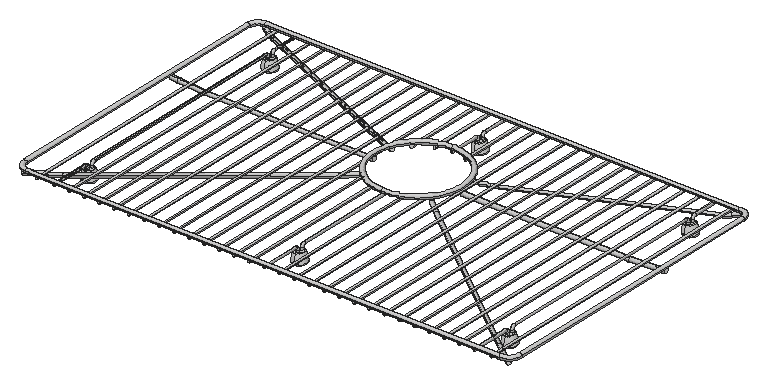
Revit family "Accessory-Sink_Rack-KOHLER-Lyric_Workstation-K-23380_1", category Specialty Equipment, host Face, Revit 2021
Family settings
  Host = Face
  Round Connector Dimension = Use Diameter
  Part Type = Normal
  OmniClass Number = 23.31.25.00
  OmniClass Title = Toilet and Bath Specialties
  Cut with Voids When Loaded = No
  Shared = No
  Room Calculation Point = No
Parameters (values of type "ST-Stainless Steel")
  Width = 14 113/256"  # constant formula
  WaterSense Certified = 1 = 0  # no
  URL = "https://www.us.kohler.com/us/"
  Type = 1
  Product Page URL = "http://www.us.kohler.com/us/catalog/productDetails.jsp?productId=23380"
  Product Name = "Lyric Workstation"  # constant formula
  Product Documentation Link = "https://www.us.kohler.com/webassets/kpna/catalog/pdf/en/K-23380_spec_US-CA_Kohler_en.pdf"
  Model = "K-23380-ST"  # constant formula
  Material = "Stainless Steel\r\n"  # constant formula
  Master Format 2014 Name = "Toilet, Bath, and Laundry Accessories"  # constant formula
  Master Format 2014 = "10 28 00"  # constant formula
  Manufacturer Address = "444 Highland Dr, Kohler, WI 53044"  # constant formula
  Manufacturer = "Kohler Co."  # constant formula
  Length = 23 193/256"  # constant formula
  Height = 1 1/64"  # constant formula
  Finish = KOHLER-Metal-ST-Stainless_Steel
  Environmental Product Declaration = ""
  Description = "MED SB, Basin Rack, WS"  # constant formula
  Default Elevation = 42"
  Declare Label = ""
  Date Modified = "12/26/2022"  # constant formula
  Date Created = "12/26/2022"  # constant formula
  Copyright = "Copyright Kohler Co."  # constant formula
  Contact Us = "https://www.us.kohler.com/us/static/contact.jsp"
  Assembly Code = "C1030200"
  ADA Compliant = 1 = 0  # no
Reference planes (in)
  plane 1 "Center (Front/Back)": y = 0
  plane 2: z = 0
  plane 3 "Center (Left/Right)": x = 0
  plane 4: y = 5.15797
  plane 5: y = -9.28343
  plane 6: x = -11.87598
  plane 7: x = 11.87792
  plane 8: y = -7.0659
  plane 9: y = 3.68213
  plane 10: x = -10.01181
  plane 11: x = 10.01181
  plane 12: x = 2.01329
  plane 13: y = 2.00985
  plane 14: z = 1.01562
  plane 15: z = 0.54104
  plane 16: y = -2.00985
  plane 17: x = -2.01329
  plane 18: y = -2.06273
Dimensions and locks (in)
  "Length": plane 6 to plane 7
  "Width": plane 4 to plane 5
  plane 3 "Center (Left/Right)" to plane 7 = 11.87792"
  plane 1 "Center (Front/Back)" to plane 4 = 5.15797"
  plane 16 to plane 13 = 4.01969"
  plane 17 to plane 12 = 4.02658"
  plane 10 to plane 11 = 20.02362"
  plane 10 to plane 3 "Center (Left/Right)" = 10.01181"
  plane 11 to plane 3 "Center (Left/Right)" = 10.01181"
  "Height": plane 14 to level
  equal spacing: plane 4, plane 18, plane 5
  aligned and locked: plane 2 to host face
  aligned and locked: level to host face
Automatic sketch dimensions
  host sketch curve to host sketch curve = 96"  (x2)
Nested families (in)
  nested 1: "K-23380" at (0, -2.0625, -0.0091) x (0, -1, 0) z (0, 0, 1), type "K-23380"
Definition of nested family "K-23380"
  Parameters
    Material = none
    Default Elevation = 0"
  Reference planes (in)
    plane 1 "Center (Front/Back)": y = 0
    plane 2: z = 0
    plane 3 "Center (Left/Right)": x = 0
    plane 4: y = 11.87598
    plane 5: y = -11.87598
    plane 6: x = -7.22047
    plane 7: x = 7.22047
    plane 8: x = -2.05906
    plane 9: y = 10.01181
    plane 10: y = -10.01181
    plane 11: z = 1.02362
    plane 12: x = 5.0034
    plane 13: x = -5.74463
    plane 14 "A": through (-2.94889, 1.99672, 48) normal (-0.9135, -0.4067, 0)
    plane 15 "B": through (-0.7193, 1.72074, 48) normal (-0.7857, 0.6186, 0)
    plane 16: z = 0.0091
    plane 17: y = 2.01329
    plane 18: x = -4.07235
    plane 19: z = 0.55014
  Forms (in)
    Sweep 1, solid, material <- "Material", detail levels medium+fine
      path origin (0, 0, 0) x (1, 0, 0) y (0, 1, 0)
        loop
          circle (-2.05906, 0) r 2.09728
      profile origin (-2.05906, 2.09728, 0) x (0, -1, 0) y (0, 0, 1)
        loop
          circle (0, 0.93774) r 0.09357
    Sweep 2, solid, material <- "Material", detail levels medium+fine
      path origin (0, 0, 0) x (1, 0, 0) y (0, 1, 0)
        loop
          line (-7.13071, 11.28543) -> (-7.13071, -11.28543)
          arc (-7.13071, -11.28543) -> (-6.98403, -11.63954) -> (-6.62992, -11.78622) r 0.50079
          line (-6.62992, -11.78622) -> (6.62992, -11.78622)
          arc (6.62992, -11.78622) -> (6.98403, -11.63954) -> (7.13071, -11.28543) r 0.50079
          line (7.13071, -11.28543) -> (7.13071, 11.28543)
          arc (7.13071, 11.28543) -> (6.98403, 11.63954) -> (6.62992, 11.78622) r 0.50079
          line (6.62992, 11.78622) -> (-6.62992, 11.78622)
          arc (-6.62992, 11.78622) -> (-6.98403, 11.63954) -> (-7.13071, 11.28543) r 0.50079
      profile origin (0, 11.78622, 0) x (0, 1, 0) y (0, 0, 1)
        loop
          circle (-0.00308, 0.93753) r 0.09378
    Extrusion 3, solid, material <- "Material", detail levels medium+fine
      sketch origin (0, 0, 0) x (0, 1, 0) y (0, 0, 1)
        loop
          circle (-10.82605, 0.7904) r 0.05335
        loop
          circle (-9.29465, 0.79128) r 0.05315
        loop
          circle (-8.58067, 0.79128) r 0.05315
        loop
          circle (-7.86361, 0.79128) r 0.05315
        loop
          circle (-7.15106, 0.79128) r 0.05315
        loop
          circle (-6.4361, 0.79128) r 0.05315
        loop
          circle (-5.72114, 0.79128) r 0.05315
        loop
          circle (-5.00783, 0.79128) r 0.05315
        loop
          circle (-4.29287, 0.79128) r 0.05315
        loop
          circle (-3.57627, 0.79128) r 0.05315
        loop
          circle (-2.85966, 0.79128) r 0.05315
        loop
          circle (-2.1447, 0.79128) r 0.05315
        loop
          circle (-1.4346, 0.79128) r 0.05315
        loop
          circle (-0.71462, 0.79128) r 0.05315
        loop
          circle (0.7146, 0.79128) r 0.05315
        loop
          circle (1.42958, 0.79128) r 0.05315
        loop
          circle (2.14417, 0.79128) r 0.05315
        loop
          circle (2.85877, 0.79128) r 0.05315
        loop
          circle (3.57659, 0.79128) r 0.05315
        loop
          circle (4.28788, 0.79128) r 0.05315
        loop
          circle (5.00819, 0.79128) r 0.05315
        loop
          circle (5.72274, 0.79128) r 0.05315
        loop
          circle (6.43442, 0.79128) r 0.05315
        loop
          circle (7.15185, 0.79128) r 0.05315
        loop
          circle (7.86352, 0.79128) r 0.05315
        loop
          circle (8.57808, 0.79128) r 0.05315
        loop
          circle (9.29551, 0.79128) r 0.05315
        loop
          circle (10.82407, 0.79128) r 0.05315
      from -7.1285 to 7.1235
    Sweep 4, solid, material <- "Material", detail levels medium+fine
      path origin (0, -10.01181, 0) x (1, 0, 0) y (0, 0, 1)
        loop
          line (-7.1285, 0.79216) -> (-7.05153, 0.79216) -> (-5.98695, 0.79216)
          arc (-5.98695, 0.79216) -> (-5.90681, 0.75896) -> (-5.87361, 0.67882) r 0.11334
          line (-5.87361, 0.67882) -> (-5.87361, 0.29889)
          arc (-5.87361, 0.29889) -> (-5.73848, 0.16376) -> (-5.60335, 0.29889) r 0.13513
          line (-5.60335, 0.29889) -> (-5.60335, 0.67877)
          arc (-5.60335, 0.67877) -> (-5.57014, 0.75895) -> (-5.48996, 0.79216) r 0.11339
          line (-5.48996, 0.79216) -> (4.7614, 0.79216)
          arc (4.7614, 0.79216) -> (4.84158, 0.75895) -> (4.87479, 0.67877) r 0.11339
          line (4.87479, 0.67877) -> (4.87479, 0.29889)
          arc (4.87479, 0.29889) -> (5.00992, 0.16376) -> (5.14506, 0.29889) r 0.13513
          line (5.14506, 0.29889) -> (5.14506, 0.67877)
          arc (5.14506, 0.67877) -> (5.17827, 0.75895) -> (5.25844, 0.79216) r 0.11339
          line (5.25844, 0.79216) -> (7.12212, 0.79216)
      profile origin (-6.51924, -10.01181, 0.79216) x (0, 0, 1) y (0, -1, 0)
        loop
          circle (0, 0) r 0.05192
    Sweep 5, solid, material <- "Material", detail levels medium+fine
      path origin (0, 0, 0) x (1, 0, 0) y (0, 0, 1)
        loop
          line (-7.1285, 0.79216) -> (-7.05153, 0.79216) -> (-5.98695, 0.79216)
          arc (-5.98695, 0.79216) -> (-5.90681, 0.75896) -> (-5.87361, 0.67882) r 0.11334
          line (-5.87361, 0.67882) -> (-5.87361, 0.29889)
          arc (-5.87361, 0.29889) -> (-5.73848, 0.16376) -> (-5.60335, 0.29889) r 0.13513
          line (-5.60335, 0.29889) -> (-5.60335, 0.67877)
          arc (-5.60335, 0.67877) -> (-5.57014, 0.75895) -> (-5.48996, 0.79216) r 0.11339
          line (-5.48996, 0.79216) -> (4.7614, 0.79216)
          arc (4.7614, 0.79216) -> (4.84158, 0.75895) -> (4.87479, 0.67877) r 0.11339
          line (4.87479, 0.67877) -> (4.87479, 0.29889)
          arc (4.87479, 0.29889) -> (5.00992, 0.16376) -> (5.14506, 0.29889) r 0.13513
          line (5.14506, 0.29889) -> (5.14506, 0.67877)
          arc (5.14506, 0.67877) -> (5.17827, 0.75895) -> (5.25844, 0.79216) r 0.11339
          line (5.25844, 0.79216) -> (7.12212, 0.79216)
      profile origin (-6.51924, 0, 0.79216) x (0, 0, 1) y (0, -1, 0)
        loop
          circle (0, 0) r 0.05192
    Sweep 6, solid, material <- "Material", detail levels medium+fine
      path origin (0, 10.01181, 0) x (1, 0, 0) y (0, 0, 1)
        loop
          line (-7.1285, 0.79216) -> (-7.05153, 0.79216) -> (-5.98695, 0.79216)
          arc (-5.98695, 0.79216) -> (-5.90681, 0.75896) -> (-5.87361, 0.67882) r 0.11334
          line (-5.87361, 0.67882) -> (-5.87361, 0.29889)
          arc (-5.87361, 0.29889) -> (-5.73848, 0.16376) -> (-5.60335, 0.29889) r 0.13513
          line (-5.60335, 0.29889) -> (-5.60335, 0.67877)
          arc (-5.60335, 0.67877) -> (-5.57014, 0.75895) -> (-5.48996, 0.79216) r 0.11339
          line (-5.48996, 0.79216) -> (4.7614, 0.79216)
          arc (4.7614, 0.79216) -> (4.84158, 0.75895) -> (4.87479, 0.67877) r 0.11339
          line (4.87479, 0.67877) -> (4.87479, 0.29889)
          arc (4.87479, 0.29889) -> (5.00992, 0.16376) -> (5.14506, 0.29889) r 0.13513
          line (5.14506, 0.29889) -> (5.14506, 0.67877)
          arc (5.14506, 0.67877) -> (5.17827, 0.75895) -> (5.25844, 0.79216) r 0.11339
          line (5.25844, 0.79216) -> (7.12212, 0.79216)
      profile origin (-6.51924, 10.01181, 0.79216) x (0, 0, 1) y (0, -1, 0)
        loop
          circle (0, 0) r 0.05192
    Extrusion 7, void
      sketch origin (0, 0, 0) x (1, 0, 0) y (0, 1, 0)
        loop
          circle (-2.05906, 0) r 2.0112
      from 0.33287 to 0.85982
    Revolve 8, solid, material <- "Material", detail levels medium+fine
      sketch origin (10.74803, 10.01181, 0) x (1, 0, 0) y (0, 0, 1)
        loop
          line (-5.73848, 0.56882) -> (-5.94642, 0.56882)
          arc (-5.94642, 0.56882) -> (-5.96507, 0.56314) -> (-5.97739, 0.54803) r 0.03346
          arc (-5.97739, 0.54803) -> (-6.03954, 0.35065) -> (-6.06801, 0.14567) r 1.24012
          arc (-6.06801, 0.14567) -> (-6.06214, 0.11863) -> (-6.04327, 0.09838) r 0.05221
          arc (-6.04327, 0.09838) -> (-5.97179, 0.06041) -> (-5.89605, 0.03187) r 0.6326
          arc (-5.89605, 0.03187) -> (-5.81814, 0.01423) -> (-5.73848, 0.00823) r 0.54249
          line (-5.73848, 0.00823) -> (-5.73848, 0.56882)
        axis (-5.73848, 0.00823) -> (-5.73848, 0.56882)
      angle from 0 to 360
    Revolve 9, solid, material <- "Material", detail levels medium+fine
      sketch origin (0, 10.01181, 0) x (1, 0, 0) y (0, 0, 1)
        loop
          line (-5.73848, 0.56882) -> (-5.94642, 0.56882)
          arc (-5.94642, 0.56882) -> (-5.96507, 0.56314) -> (-5.97739, 0.54803) r 0.03346
          arc (-5.97739, 0.54803) -> (-6.03954, 0.35065) -> (-6.06801, 0.14567) r 1.24012
          arc (-6.06801, 0.14567) -> (-6.06214, 0.11863) -> (-6.04327, 0.09838) r 0.05221
          arc (-6.04327, 0.09838) -> (-5.97179, 0.06041) -> (-5.89605, 0.03187) r 0.6326
          arc (-5.89605, 0.03187) -> (-5.81814, 0.01423) -> (-5.73848, 0.00823) r 0.54249
          line (-5.73848, 0.00823) -> (-5.73848, 0.56882)
        axis (-5.73848, 0.00823) -> (-5.73848, 0.56882)
      angle from 0 to 360
    Revolve 10, solid, material <- "Material", detail levels medium+fine
      sketch origin (0, -10.01181, 0) x (1, 0, 0) y (0, 0, 1)
        loop
          line (-5.73848, 0.56882) -> (-5.94642, 0.56882)
          arc (-5.94642, 0.56882) -> (-5.96507, 0.56314) -> (-5.97739, 0.54803) r 0.03346
          arc (-5.97739, 0.54803) -> (-6.03954, 0.35065) -> (-6.06801, 0.14567) r 1.24012
          arc (-6.06801, 0.14567) -> (-6.06214, 0.11863) -> (-6.04327, 0.09838) r 0.05221
          arc (-6.04327, 0.09838) -> (-5.97179, 0.06041) -> (-5.89605, 0.03187) r 0.6326
          arc (-5.89605, 0.03187) -> (-5.81814, 0.01423) -> (-5.73848, 0.00823) r 0.54249
          line (-5.73848, 0.00823) -> (-5.73848, 0.56882)
        axis (-5.73848, 0.00823) -> (-5.73848, 0.56882)
      angle from 0 to 360
    Revolve 11, solid, material <- "Material", detail levels medium+fine
      sketch origin (10.74803, -10.01181, 0) x (1, 0, 0) y (0, 0, 1)
        loop
          line (-5.73848, 0.56882) -> (-5.94642, 0.56882)
          arc (-5.94642, 0.56882) -> (-5.96507, 0.56314) -> (-5.97739, 0.54803) r 0.03346
          arc (-5.97739, 0.54803) -> (-6.03954, 0.35065) -> (-6.06801, 0.14567) r 1.24012
          arc (-6.06801, 0.14567) -> (-6.06214, 0.11863) -> (-6.04327, 0.09838) r 0.05221
          arc (-6.04327, 0.09838) -> (-5.97179, 0.06041) -> (-5.89605, 0.03187) r 0.6326
          arc (-5.89605, 0.03187) -> (-5.81814, 0.01423) -> (-5.73848, 0.00823) r 0.54249
          line (-5.73848, 0.00823) -> (-5.73848, 0.56882)
        axis (-5.73848, 0.00823) -> (-5.73848, 0.56882)
      angle from 0 to 360
    Sweep 12, solid, material <- "Material", detail levels medium+fine
      path origin (-1.71912, -0.7654, 0) x (0.406737, -0.913545, 0) y (0, 0, 1)
        loop
          line (-13.25789, 0.77901) -> (-12.93662, 0.69293)
          arc (-12.93662, 0.69293) -> (-12.7398, 0.65378) -> (-12.53954, 0.64065) r 1.53419
          line (-12.53954, 0.64065) -> (-3.65686, 0.64065)
          arc (-3.65686, 0.64065) -> (-3.32496, 0.66095) -> (-2.99801, 0.72155) r 2.72339
          line (-2.99801, 0.72155) -> (-2.96366, 0.73011)
      profile origin (-7.04625, 11.19954, 0.73597) x (0.105271, -0.236443, 0.965926) y (-0.913545, -0.406737, 0)
        loop
          circle (0, 0) r 0.07874
    Sweep 13, solid, material <- "Material", detail levels medium+fine
      path origin (-1.71912, 0.7654, 0) x (0.406737, 0.913545, 0) y (0, 0, -1)
        loop
          line (-13.25789, -0.77901) -> (-12.93662, -0.69293)
          arc (-12.93662, -0.69293) -> (-12.7398, -0.65378) -> (-12.53954, -0.64065) r 1.53419
          line (-12.53954, -0.64065) -> (-3.65686, -0.64065)
          arc (-3.65686, -0.64065) -> (-3.32496, -0.66095) -> (-2.99801, -0.72155) r 2.72339
          line (-2.99801, -0.72155) -> (-2.96366, -0.73011)
      profile origin (-7.04625, -11.19954, 0.73597) x (-0.105271, -0.236443, -0.965926) y (-0.913545, 0.406737, 0)
        loop
          circle (0, 0) r 0.07874
    Sweep 14, solid, material <- "Material", detail levels medium+fine
      path origin (-1.28038, 1.00814, 0) x (-0.618626, -0.785685, 0) y (0, 0, 1)
        loop
          line (-13.47918, 0.76172) -> (-13.05197, 0.70926)
          arc (-13.05197, 0.70926) -> (-12.50123, 0.65866) -> (-11.94843, 0.64177) r 9.05512
          line (-11.94843, 0.64177) -> (-1.66927, 0.64177)
          arc (-1.66927, 0.64177) -> (-1.28327, 0.65862) -> (-0.90021, 0.70905) r 4.42883
          line (-0.90021, 0.70905) -> (-0.84521, 0.71875)
      profile origin (6.92605, 11.43071, 0.73549) x (-0.075392, -0.095751, 0.992546) y (-0.785685, 0.618626, 0)
        loop
          circle (0, 0) r 0.07874
    Sweep 15, solid, material <- "Material", detail levels medium+fine
      path origin (-1.28038, -1.00814, 0) x (-0.618626, 0.785685, 0) y (0, 0, -1)
        loop
          line (-13.47918, -0.76172) -> (-13.05197, -0.70926)
          arc (-13.05197, -0.70926) -> (-12.50123, -0.65866) -> (-11.94843, -0.64177) r 9.05512
          line (-11.94843, -0.64177) -> (-1.66927, -0.64177)
          arc (-1.66927, -0.64177) -> (-1.28327, -0.65862) -> (-0.90021, -0.70905) r 4.42883
          line (-0.90021, -0.70905) -> (-0.84521, -0.71875)
      profile origin (6.92605, -11.43071, 0.73549) x (0.075392, -0.095751, -0.992546) y (-0.785685, -0.618626, 0)
        loop
          circle (0, 0) r 0.07874
    Sweep 16, solid, material <- "Material", detail levels medium+fine
      path origin (0, 0, 0) x (0, 1, 0) y (0, 0, 1)
        loop
          line (-11.7916, 0.75057) -> (-11.41249, 0.70847)
          arc (-11.41249, 0.70847) -> (-10.76434, 0.65459) -> (-10.11421, 0.63661) r 11.76312
          line (-10.11421, 0.63661) -> (-2.10392, 0.63661)
      profile origin (0, -11.60204, 0.72952) x (0, 0.110369, 0.993891) y (1, 0, 0)
        loop
          circle (0, -2.0625) r 0.09375
    Sweep 17, solid, material <- "Material", detail levels medium+fine
      path origin (0, 0, 0) x (0, -1, 0) y (0, 0, -1)
        loop
          line (-11.7916, -0.75057) -> (-11.41249, -0.70847)
          arc (-11.41249, -0.70847) -> (-10.76434, -0.65459) -> (-10.11421, -0.63661) r 11.76312
          line (-10.11421, -0.63661) -> (-2.10392, -0.63661)
      profile origin (0, 11.60204, 0.72952) x (0, 0.110369, -0.993891) y (1, 0, 0)
        loop
          circle (0, -2.0625) r 0.09375
    Sweep 18, solid, material <- "Material", detail levels medium+fine
      path origin (0, -10.01181, 0) x (1, 0, 0) y (0, 0, -1)
        loop
          line (-7.1285, -0.79216) -> (-7.05153, -0.79216) -> (-5.98695, -0.79216)
          arc (-5.98695, -0.79216) -> (-5.90681, -0.75896) -> (-5.87361, -0.67882) r 0.11334
          line (-5.87361, -0.67882) -> (-5.87361, -0.29889)
          arc (-5.87361, -0.29889) -> (-5.73848, -0.16376) -> (-5.60335, -0.29889) r 0.13513
          line (-5.60335, -0.29889) -> (-5.60335, -0.67877)
          arc (-5.60335, -0.67877) -> (-5.57014, -0.75895) -> (-5.48996, -0.79216) r 0.11339
          line (-5.48996, -0.79216) -> (4.7614, -0.79216)
          arc (4.7614, -0.79216) -> (4.84158, -0.75895) -> (4.87479, -0.67877) r 0.11339
          line (4.87479, -0.67877) -> (4.87479, -0.29889)
          arc (4.87479, -0.29889) -> (5.00992, -0.16376) -> (5.14506, -0.29889) r 0.13513
          line (5.14506, -0.29889) -> (5.14506, -0.67877)
          arc (5.14506, -0.67877) -> (5.17827, -0.75895) -> (5.25844, -0.79216) r 0.11339
          line (5.25844, -0.79216) -> (7.12212, -0.79216)
      profile origin (-6.51924, -10.01181, 0.79216) x (0, 0, -1) y (0, 1, 0)
        loop
          circle (0, 0) r 0.05192
    Revolve 19, solid, material <- "Material", detail levels medium+fine
      sketch origin (0, -10.01181, 0) x (1, 0, 0) y (0, 0, -1)
        loop
          line (-5.73848, -0.56882) -> (-5.73848, -0.00823)
          arc (-5.73848, -0.00823) -> (-5.81814, -0.01423) -> (-5.89605, -0.03187) r 0.54249
          arc (-5.89605, -0.03187) -> (-5.97179, -0.06041) -> (-6.04327, -0.09838) r 0.6326
          arc (-6.04327, -0.09838) -> (-6.06214, -0.11863) -> (-6.06801, -0.14567) r 0.05221
          arc (-6.06801, -0.14567) -> (-6.03954, -0.35065) -> (-5.97739, -0.54803) r 1.24012
          arc (-5.97739, -0.54803) -> (-5.96507, -0.56314) -> (-5.94642, -0.56882) r 0.03346
          line (-5.94642, -0.56882) -> (-5.73848, -0.56882)
        axis (-5.73848, -0.00823) -> (-5.73848, -0.56882)
      angle from 0 to 360
    Sweep 20, solid, material <- "Material", detail levels medium+fine
      path origin (-1.71912, 0.7654, 0) x (0.406737, 0.913545, 0) y (0, 0, -1)
        loop
          line (-13.25789, -0.77901) -> (-12.93662, -0.69293)
          arc (-12.93662, -0.69293) -> (-12.7398, -0.65378) -> (-12.53954, -0.64065) r 1.53419
          line (-12.53954, -0.64065) -> (-3.65686, -0.64065)
          arc (-3.65686, -0.64065) -> (-3.32496, -0.66095) -> (-2.99801, -0.72155) r 2.72339
          line (-2.99801, -0.72155) -> (-2.96366, -0.73011)
      profile origin (-7.04625, -11.19954, 0.73597) x (-0.105271, -0.236443, -0.965926) y (-0.913545, 0.406737, 0)
        loop
          circle (0, 0) r 0.07874
    Sweep 21, solid, material <- "Material", detail levels medium+fine
      path origin (-1.28038, -1.00814, 0) x (-0.618626, 0.785685, 0) y (0, 0, -1)
        loop
          line (-13.47918, -0.76172) -> (-13.05197, -0.70926)
          arc (-13.05197, -0.70926) -> (-12.50123, -0.65866) -> (-11.94843, -0.64177) r 9.05512
          line (-11.94843, -0.64177) -> (-1.66927, -0.64177)
          arc (-1.66927, -0.64177) -> (-1.28327, -0.65862) -> (-0.90021, -0.70905) r 4.42883
          line (-0.90021, -0.70905) -> (-0.84521, -0.71875)
      profile origin (6.92605, -11.43071, 0.73549) x (0.075392, -0.095751, -0.992546) y (-0.785685, -0.618626, 0)
        loop
          circle (0, 0) r 0.07874
    Sweep 22, solid, material <- "Material", detail levels medium+fine
      path origin (0, 0, 0) x (0, 1, 0) y (0, 0, 1)
        loop
          line (-11.7916, 0.75057) -> (-11.41249, 0.70847)
          arc (-11.41249, 0.70847) -> (-10.76434, 0.65459) -> (-10.11421, 0.63661) r 11.76312
          line (-10.11421, 0.63661) -> (-2.10392, 0.63661)
      profile origin (0, -11.60204, 0.72952) x (0, 0.110369, 0.993891) y (1, 0, 0)
        loop
          circle (0, -2.0625) r 0.09375
    Sweep 23, solid, material <- "Material", detail levels coarse
      path origin (0, 0, 0) x (1, 0, 0) y (0, 1, 0)
        loop
          arc (-6.62992, 11.87598) -> (-7.0475, 11.70302) -> (-7.22047, 11.28543) r 0.59055
          line (-7.22047, 11.28543) -> (-7.22047, -11.28543)
          arc (-7.22047, -11.28543) -> (-7.0475, -11.70302) -> (-6.62992, -11.87598) r 0.59055
          line (-6.62992, -11.87598) -> (6.62992, -11.87598)
          arc (6.62992, -11.87598) -> (7.0475, -11.70302) -> (7.22047, -11.28543) r 0.59055
          line (7.22047, -11.28543) -> (7.22047, 11.28543)
          arc (7.22047, 11.28543) -> (7.0475, 11.70302) -> (6.62992, 11.87598) r 0.59055
          line (6.62992, 11.87598) -> (-6.62992, 11.87598)
      profile origin (0, 11.87598, 0) x (0, -1, 0) y (0, 0, 1)
        loop
          circle (0.08723, 0.93855) r 0.08624
    Sweep 24, solid, material <- "Material", detail levels coarse
      path origin (0, 0, 0) x (1, 0, 0) y (0, 1, 0)
        loop
          circle (-2.05906, 0) r 2.10087
      profile origin (-2.05906, 2.10087, 0) x (0, -1, 0) y (0, 0, 1)
        loop
          circle (0.00845, 0.9376) r 0.09591
    Extrusion 25, solid, material <- "Material", detail levels coarse
      sketch origin (0, 0, 0) x (0, 1, 0) y (0, 0, 1)
        loop
          circle (-10.82605, 0.7904) r 0.05335
        loop
          circle (-9.29465, 0.79128) r 0.05315
        loop
          circle (-8.58067, 0.79128) r 0.05315
        loop
          circle (-7.86361, 0.79128) r 0.05315
        loop
          circle (-7.15106, 0.79128) r 0.05315
        loop
          circle (-6.4361, 0.79128) r 0.05315
        loop
          circle (-5.72114, 0.79128) r 0.05315
        loop
          circle (-5.00783, 0.79128) r 0.05315
        loop
          circle (-4.29287, 0.79128) r 0.05315
        loop
          circle (-3.57627, 0.79128) r 0.05315
        loop
          circle (-2.85966, 0.79128) r 0.05315
        loop
          circle (-2.1447, 0.79128) r 0.05315
        loop
          circle (-1.4346, 0.79128) r 0.05315
        loop
          circle (-0.71462, 0.79128) r 0.05315
        loop
          circle (0.7146, 0.79128) r 0.05315
        loop
          circle (1.42958, 0.79128) r 0.05315
        loop
          circle (2.14417, 0.79128) r 0.05315
        loop
          circle (2.85877, 0.79128) r 0.05315
        loop
          circle (3.57659, 0.79128) r 0.05315
        loop
          circle (4.28788, 0.79128) r 0.05315
        loop
          circle (5.00819, 0.79128) r 0.05315
        loop
          circle (5.72274, 0.79128) r 0.05315
        loop
          circle (6.43442, 0.79128) r 0.05315
        loop
          circle (7.15185, 0.79128) r 0.05315
        loop
          circle (7.86352, 0.79128) r 0.05315
        loop
          circle (8.57808, 0.79128) r 0.05315
        loop
          circle (9.29551, 0.79128) r 0.05315
        loop
          circle (10.82407, 0.79128) r 0.05315
      from -7.1285 to 7.1235
    Sweep 26, solid, material <- "Material", detail levels coarse
      path origin (0, 10.01181, 0) x (1, 0, 0) y (0, 0, 1)
        loop
          line (-7.1285, 0.79216) -> (-7.05153, 0.79216) -> (-5.98695, 0.79216)
          arc (-5.98695, 0.79216) -> (-5.90681, 0.75896) -> (-5.87361, 0.67882) r 0.11334
          line (-5.87361, 0.67882) -> (-5.87361, 0.29889)
          arc (-5.87361, 0.29889) -> (-5.73848, 0.16376) -> (-5.60335, 0.29889) r 0.13513
          line (-5.60335, 0.29889) -> (-5.60335, 0.67877)
          arc (-5.60335, 0.67877) -> (-5.57014, 0.75895) -> (-5.48996, 0.79216) r 0.11339
          line (-5.48996, 0.79216) -> (4.7614, 0.79216)
          arc (4.7614, 0.79216) -> (4.84158, 0.75895) -> (4.87479, 0.67877) r 0.11339
          line (4.87479, 0.67877) -> (4.87479, 0.29889)
          arc (4.87479, 0.29889) -> (5.00992, 0.16376) -> (5.14506, 0.29889) r 0.13513
          line (5.14506, 0.29889) -> (5.14506, 0.67877)
          arc (5.14506, 0.67877) -> (5.17827, 0.75895) -> (5.25844, 0.79216) r 0.11339
          line (5.25844, 0.79216) -> (7.12212, 0.79216)
      profile origin (-6.51924, 10.01181, 0.79216) x (0, 0, 1) y (0, -1, 0)
        loop
          circle (0, 0) r 0.05192
    Sweep 27, solid, material <- "Material", detail levels coarse
      path origin (0, 0, 0) x (1, 0, 0) y (0, 0, 1)
        loop
          line (-7.1285, 0.79216) -> (-7.05153, 0.79216) -> (-5.98695, 0.79216)
          arc (-5.98695, 0.79216) -> (-5.90681, 0.75896) -> (-5.87361, 0.67882) r 0.11334
          line (-5.87361, 0.67882) -> (-5.87361, 0.29889)
          arc (-5.87361, 0.29889) -> (-5.73848, 0.16376) -> (-5.60335, 0.29889) r 0.13513
          line (-5.60335, 0.29889) -> (-5.60335, 0.67877)
          arc (-5.60335, 0.67877) -> (-5.57014, 0.75895) -> (-5.48996, 0.79216) r 0.11339
          line (-5.48996, 0.79216) -> (4.7614, 0.79216)
          arc (4.7614, 0.79216) -> (4.84158, 0.75895) -> (4.87479, 0.67877) r 0.11339
          line (4.87479, 0.67877) -> (4.87479, 0.29889)
          arc (4.87479, 0.29889) -> (5.00992, 0.16376) -> (5.14506, 0.29889) r 0.13513
          line (5.14506, 0.29889) -> (5.14506, 0.67877)
          arc (5.14506, 0.67877) -> (5.17827, 0.75895) -> (5.25844, 0.79216) r 0.11339
          line (5.25844, 0.79216) -> (7.12212, 0.79216)
      profile origin (-6.51924, 0, 0.79216) x (0, 0, 1) y (0, -1, 0)
        loop
          circle (0, 0) r 0.05192
    Sweep 28, solid, material <- "Material", detail levels coarse
      path origin (0, -10.01181, 0) x (1, 0, 0) y (0, 0, -1)
        loop
          line (-7.1285, -0.79216) -> (-7.05153, -0.79216) -> (-5.98695, -0.79216)
          arc (-5.98695, -0.79216) -> (-5.90681, -0.75896) -> (-5.87361, -0.67882) r 0.11334
          line (-5.87361, -0.67882) -> (-5.87361, -0.29889)
          arc (-5.87361, -0.29889) -> (-5.73848, -0.16376) -> (-5.60335, -0.29889) r 0.13513
          line (-5.60335, -0.29889) -> (-5.60335, -0.67877)
          arc (-5.60335, -0.67877) -> (-5.57014, -0.75895) -> (-5.48996, -0.79216) r 0.11339
          line (-5.48996, -0.79216) -> (4.7614, -0.79216)
          arc (4.7614, -0.79216) -> (4.84158, -0.75895) -> (4.87479, -0.67877) r 0.11339
          line (4.87479, -0.67877) -> (4.87479, -0.29889)
          arc (4.87479, -0.29889) -> (5.00992, -0.16376) -> (5.14506, -0.29889) r 0.13513
          line (5.14506, -0.29889) -> (5.14506, -0.67877)
          arc (5.14506, -0.67877) -> (5.17827, -0.75895) -> (5.25844, -0.79216) r 0.11339
          line (5.25844, -0.79216) -> (7.12212, -0.79216)
      profile origin (-6.51924, -10.01181, 0.79216) x (0, 0, -1) y (0, 1, 0)
        loop
          circle (0, 0) r 0.05192
    Revolve 29, solid, material <- "Material", detail levels medium+fine
      sketch origin (0, 0, 0) x (1, 0, 0) y (0, 0, 1)
        loop
          line (-5.73848, 0.56882) -> (-5.94642, 0.56882)
          arc (-5.94642, 0.56882) -> (-5.96507, 0.56314) -> (-5.97739, 0.54803) r 0.03346
          arc (-5.97739, 0.54803) -> (-6.03954, 0.35065) -> (-6.06801, 0.14567) r 1.24012
          arc (-6.06801, 0.14567) -> (-6.06214, 0.11863) -> (-6.04327, 0.09838) r 0.05221
          arc (-6.04327, 0.09838) -> (-5.97179, 0.06041) -> (-5.89605, 0.03187) r 0.6326
          arc (-5.89605, 0.03187) -> (-5.81814, 0.01423) -> (-5.73848, 0.00823) r 0.54249
          line (-5.73848, 0.00823) -> (-5.73848, 0.56882)
        axis (-5.73848, 0.00823) -> (-5.73848, 0.56882)
      angle from 0 to 360
    Revolve 30, solid, material <- "Material", detail levels medium+fine
      sketch origin (10.74803, 0, 0) x (1, 0, 0) y (0, 0, 1)
        loop
          line (-5.73848, 0.56882) -> (-5.94642, 0.56882)
          arc (-5.94642, 0.56882) -> (-5.96507, 0.56314) -> (-5.97739, 0.54803) r 0.03346
          arc (-5.97739, 0.54803) -> (-6.03954, 0.35065) -> (-6.06801, 0.14567) r 1.24012
          arc (-6.06801, 0.14567) -> (-6.06214, 0.11863) -> (-6.04327, 0.09838) r 0.05221
          arc (-6.04327, 0.09838) -> (-5.97179, 0.06041) -> (-5.89605, 0.03187) r 0.6326
          arc (-5.89605, 0.03187) -> (-5.81814, 0.01423) -> (-5.73848, 0.00823) r 0.54249
          line (-5.73848, 0.00823) -> (-5.73848, 0.56882)
        axis (-5.73848, 0.00823) -> (-5.73848, 0.56882)
      angle from 0 to 360
    Revolve 31, solid, material <- "Material", detail levels medium+fine
      sketch origin (10.74803, -10.01181, 0) x (1, 0, 0) y (0, 0, -1)
        loop
          line (-5.73848, -0.56882) -> (-5.73848, -0.00823)
          arc (-5.73848, -0.00823) -> (-5.81814, -0.01423) -> (-5.89605, -0.03187) r 0.54249
          arc (-5.89605, -0.03187) -> (-5.97179, -0.06041) -> (-6.04327, -0.09838) r 0.6326
          arc (-6.04327, -0.09838) -> (-6.06214, -0.11863) -> (-6.06801, -0.14567) r 0.05221
          arc (-6.06801, -0.14567) -> (-6.03954, -0.35065) -> (-5.97739, -0.54803) r 1.24012
          arc (-5.97739, -0.54803) -> (-5.96507, -0.56314) -> (-5.94642, -0.56882) r 0.03346
          line (-5.94642, -0.56882) -> (-5.73848, -0.56882)
        axis (-5.73848, -0.00823) -> (-5.73848, -0.56882)
      angle from 0 to 360
    Sweep 32, solid, material <- "Material", detail levels coarse
      path origin (-1.71912, -0.7654, 0) x (0.406737, -0.913545, 0) y (0, 0, 1)
        loop
          line (-13.25789, 0.77901) -> (-12.93662, 0.69293)
          arc (-12.93662, 0.69293) -> (-12.7398, 0.65378) -> (-12.53954, 0.64065) r 1.53419
          line (-12.53954, 0.64065) -> (-3.65686, 0.64065)
          arc (-3.65686, 0.64065) -> (-3.32496, 0.66095) -> (-2.99801, 0.72155) r 2.72339
          line (-2.99801, 0.72155) -> (-2.96366, 0.73011)
      profile origin (-7.04625, 11.19954, 0.73597) x (0.105271, -0.236443, 0.965926) y (-0.913545, -0.406737, 0)
        loop
          circle (0, 0) r 0.07874
    Sweep 33, solid, material <- "Material", detail levels coarse
      path origin (-1.28038, 1.00814, 0) x (-0.618626, -0.785685, 0) y (0, 0, 1)
        loop
          line (-13.47918, 0.76172) -> (-13.05197, 0.70926)
          arc (-13.05197, 0.70926) -> (-12.50123, 0.65866) -> (-11.94843, 0.64177) r 9.05512
          line (-11.94843, 0.64177) -> (-1.66927, 0.64177)
          arc (-1.66927, 0.64177) -> (-1.28327, 0.65862) -> (-0.90021, 0.70905) r 4.42883
          line (-0.90021, 0.70905) -> (-0.84521, 0.71875)
      profile origin (6.92605, 11.43071, 0.73549) x (-0.075392, -0.095751, 0.992546) y (-0.785685, 0.618626, 0)
        loop
          circle (0, 0) r 0.07874
    Sweep 34, solid, material <- "Material", detail levels coarse
      path origin (0, 0, 0) x (0, -1, 0) y (0, 0, -1)
        loop
          line (-11.7916, -0.75057) -> (-11.41249, -0.70847)
          arc (-11.41249, -0.70847) -> (-10.76434, -0.65459) -> (-10.11421, -0.63661) r 11.76312
          line (-10.11421, -0.63661) -> (-2.10392, -0.63661)
      profile origin (0, 11.60204, 0.72952) x (0, 0.110369, -0.993891) y (1, 0, 0)
        loop
          circle (0, -2.0625) r 0.09375
    Sweep 35, solid, material <- "Material", detail levels coarse
      path origin (-1.71912, 0.7654, 0) x (0.406737, 0.913545, 0) y (0, 0, -1)
        loop
          line (-13.25789, -0.77901) -> (-12.93662, -0.69293)
          arc (-12.93662, -0.69293) -> (-12.7398, -0.65378) -> (-12.53954, -0.64065) r 1.53419
          line (-12.53954, -0.64065) -> (-3.65686, -0.64065)
          arc (-3.65686, -0.64065) -> (-3.32496, -0.66095) -> (-2.99801, -0.72155) r 2.72339
          line (-2.99801, -0.72155) -> (-2.96366, -0.73011)
      profile origin (-7.04625, -11.19954, 0.73597) x (-0.105271, -0.236443, -0.965926) y (-0.913545, 0.406737, 0)
        loop
          circle (0, 0) r 0.07874
    Sweep 36, solid, material <- "Material", detail levels coarse
      path origin (0, 0, 0) x (0, 1, 0) y (0, 0, 1)
        loop
          line (-11.7916, 0.75057) -> (-11.41249, 0.70847)
          arc (-11.41249, 0.70847) -> (-10.76434, 0.65459) -> (-10.11421, 0.63661) r 11.76312
          line (-10.11421, 0.63661) -> (-2.10392, 0.63661)
      profile origin (0, -11.60204, 0.72952) x (0, 0.110369, 0.993891) y (1, 0, 0)
        loop
          circle (0, -2.0625) r 0.09375
    Sweep 37, solid, material <- "Material", detail levels coarse
      path origin (-1.28038, -1.00814, 0) x (-0.618626, 0.785685, 0) y (0, 0, -1)
        loop
          line (-13.47918, -0.76172) -> (-13.05197, -0.70926)
          arc (-13.05197, -0.70926) -> (-12.50123, -0.65866) -> (-11.94843, -0.64177) r 9.05512
          line (-11.94843, -0.64177) -> (-1.66927, -0.64177)
          arc (-1.66927, -0.64177) -> (-1.28327, -0.65862) -> (-0.90021, -0.70905) r 4.42883
          line (-0.90021, -0.70905) -> (-0.84521, -0.71875)
      profile origin (6.92605, -11.43071, 0.73549) x (0.075392, -0.095751, -0.992546) y (-0.785685, -0.618626, 0)
        loop
          circle (0, 0) r 0.07874
    Revolve 38, solid, material <- "Material", detail levels coarse
      sketch origin (0, 0, 0) x (1, 0, 0) y (0, 0, 1)
        loop
          line (5.0034, 0.57026) -> (5.0034, 0.0091) -> (5.3971, 0.0091) -> (5.3971, 0.57026) -> (5.0034, 0.57026)
        axis (5.0034, 0.0091) -> (5.0034, 0.57026)
      angle from 0 to 360
    Revolve 39, solid, material <- "Material", detail levels coarse
      sketch origin (0, -10.01181, 0) x (1, 0, 0) y (0, 0, 1)
        loop
          line (5.0034, 0.57026) -> (5.0034, 0.0091) -> (5.3971, 0.0091) -> (5.3971, 0.57026) -> (5.0034, 0.57026)
        axis (5.0034, 0.0091) -> (5.0034, 0.57026)
      angle from 0 to 360
    Revolve 40, solid, material <- "Material", detail levels coarse
      sketch origin (-10.75253, -10.01181, 0) x (1, 0, 0) y (0, 0, 1)
        loop
          line (5.0034, 0.57026) -> (5.0034, 0.0091) -> (5.3971, 0.0091) -> (5.3971, 0.57026) -> (5.0034, 0.57026)
        axis (5.0034, 0.0091) -> (5.0034, 0.57026)
      angle from 0 to 360
    Revolve 41, solid, material <- "Material", detail levels coarse
      sketch origin (-10.75253, 0, 0) x (1, 0, 0) y (0, 0, 1)
        loop
          line (5.0034, 0.57026) -> (5.0034, 0.0091) -> (5.3971, 0.0091) -> (5.3971, 0.57026) -> (5.0034, 0.57026)
        axis (5.0034, 0.0091) -> (5.0034, 0.57026)
      angle from 0 to 360
    Revolve 42, solid, material <- "Material", detail levels coarse
      sketch origin (-10.75253, 10.01181, 0) x (1, 0, 0) y (0, 0, 1)
        loop
          line (5.0034, 0.57026) -> (5.0034, 0.0091) -> (5.3971, 0.0091) -> (5.3971, 0.57026) -> (5.0034, 0.57026)
        axis (5.0034, 0.0091) -> (5.0034, 0.57026)
      angle from 0 to 360
    Revolve 43, solid, material <- "Material", detail levels coarse
      sketch origin (-0.00521, 10.01181, 0) x (1, 0, 0) y (0, 0, 1)
        loop
          line (5.0034, 0.57026) -> (5.0034, 0.0091) -> (5.3971, 0.0091) -> (5.3971, 0.57026) -> (5.0034, 0.57026)
        axis (5.0034, 0.0091) -> (5.0034, 0.57026)
      angle from 0 to 360
  Cuts and joins
    Extrusion 7 cuts Extrusion 3
    Extrusion 7 cuts Sweep 5
    Extrusion 7 cuts Extrusion 25
    Extrusion 7 cuts Sweep 27
    joined: Revolve 38, Revolve 39, Revolve 40, Revolve 41, Revolve 42, Revolve 43
  Lines and regions (in)
    Masking region 1
      outline origin (0, 0, 0) x (1, 0, 0) y (0, 1, 0)
        loop
          line (6.62992, 11.87598) -> (-6.62992, 11.87598)
          arc (-6.62992, 11.87598) -> (-7.0475, 11.70302) -> (-7.22047, 11.28543) r 0.59055
          line (-7.22047, 11.28543) -> (-7.22047, -11.28543)
          arc (-7.22047, -11.28543) -> (-7.0475, -11.70302) -> (-6.62992, -11.87598) r 0.59055
          line (-6.62992, -11.87598) -> (6.62992, -11.87598)
          arc (6.62992, -11.87598) -> (7.0475, -11.70302) -> (7.22047, -11.28543) r 0.59055
          line (7.22047, -11.28543) -> (7.22047, 11.28543)
          arc (7.22047, 11.28543) -> (7.0475, 11.70302) -> (6.62992, 11.87598) r 0.59055
        loop
          arc (-6.62992, 11.67913) -> (-6.8785, 11.59074) -> (-7.01545, 11.36524) r 0.3937
          line (-7.01545, 11.36524) -> (-6.79839, 10.87773) -> (-2.16022, 10.87773) -> (-2.16022, 11.67913) -> (-6.62992, 11.67913)
        loop
          line (6.62992, 11.67913) -> (-1.96337, 11.67913) -> (-1.96337, 10.87773) -> (6.36437, 10.87773) -> (6.90622, 11.5659)
          arc (6.90622, 11.5659) -> (6.77922, 11.64973) -> (6.62992, 11.67913) r 0.3937
        loop
          arc (7.02362, 11.28543) -> (7.02017, 11.33746) -> (7.00987, 11.38857) r 0.3937
          line (7.00987, 11.38857) -> (6.60765, 10.87773) -> (7.02362, 10.87773) -> (7.02362, 11.28543)
        loop
          line (7.02362, -11.28543) -> (7.02362, -10.87573) -> (6.60121, -10.87573) -> (7.00873, -11.39271)
          arc (7.00873, -11.39271) -> (7.01988, -11.33959) -> (7.02362, -11.28543) r 0.3937
        loop
          arc (6.62992, -11.67913) -> (6.78351, -11.64794) -> (6.91276, -11.5593) r 0.3937
          line (6.91276, -11.5593) -> (6.37391, -10.87573) -> (-1.95693, -10.87573) -> (-1.95693, -11.67913) -> (6.62992, -11.67913)
        loop
          line (-6.62992, -11.67913) -> (-2.16118, -11.67913) -> (-2.16118, -10.87573) -> (-6.80958, -10.87573) -> (-7.01929, -11.34369)
          arc (-7.01929, -11.34369) -> (-6.88689, -11.58371) -> (-6.62992, -11.67913) r 0.3937
        loop
          line (-7.02362, 10.77756) -> (-7.02362, 10.05921) -> (-6.64897, 10.05921) -> (-6.9688, 10.77756) -> (-7.02362, 10.77756)
        loop
          line (-7.02362, 9.95905) -> (-7.02362, 9.3488) -> (-6.33267, 9.3488) -> (-6.60438, 9.95905) -> (-7.02362, 9.95905)
        loop
          line (-7.02362, 9.24864) -> (-7.02362, 8.63599) -> (-6.01531, 8.63599) -> (-6.28808, 9.24864) -> (-7.02362, 9.24864)
        loop
          line (-7.02362, 8.53583) -> (-7.02362, 7.91837) -> (-5.69581, 7.91837) -> (-5.97072, 8.53583) -> (-7.02362, 8.53583)
        loop
          line (-7.02362, 7.81821) -> (-7.02362, 7.20556) -> (-5.37844, 7.20556) -> (-5.65121, 7.81821) -> (-7.02362, 7.81821)
        loop
          line (-7.02362, 7.1054) -> (-7.02362, 6.48795) -> (-5.05894, 6.48795) -> (-5.33385, 7.1054) -> (-7.02362, 7.1054)
        loop
          line (-7.02362, 6.38779) -> (-7.02362, 5.77993) -> (-4.74371, 5.77993) -> (-5.01435, 6.38779) -> (-7.02362, 6.38779)
        loop
          line (-7.02362, 5.67977) -> (-7.02362, 5.06232) -> (-4.42421, 5.06232) -> (-4.69912, 5.67977) -> (-7.02362, 5.67977)
        loop
          line (-7.02362, 4.96216) -> (-7.02362, 4.33991) -> (-4.10257, 4.33991) -> (-4.37962, 4.96216) -> (-7.02362, 4.96216)
        loop
          line (-7.02362, 4.23975) -> (-7.02362, 3.6343) -> (-3.78841, 3.6343) -> (-4.05798, 4.23975) -> (-7.02362, 4.23975)
        loop
          line (-7.02362, 3.53413) -> (-7.02362, 2.91908) -> (-3.46998, 2.91908) -> (-3.74382, 3.53413) -> (-7.02362, 3.53413)
        loop
          line (-7.02362, 2.81892) -> (-7.02362, 2.19667) -> (-3.14834, 2.19667) -> (-3.42539, 2.81892) -> (-7.02362, 2.81892)
        loop
          line (-7.02362, 2.09651) -> (-7.02362, 1.49346) -> (-3.66997, 1.49346)
          arc (-3.66997, 1.49346) -> (-3.37829, 1.75644) -> (-3.04443, 1.96329) r 2.19669
          line (-3.04443, 1.96329) -> (-3.10375, 2.09651) -> (-7.02362, 2.09651)
        loop
          line (-7.02362, 1.3933) -> (-7.02362, 0.76624) -> (-4.11778, 0.76624)
          arc (-4.11778, 0.76624) -> (-3.96355, 1.0947) -> (-3.75735, 1.3933) r 2.19669
          line (-3.75735, 1.3933) -> (-7.02362, 1.3933)
        loop
          line (-7.02362, 0.66608) -> (-7.02362, 0.05823) -> (-6.07417, 0.05823)
          arc (-6.07417, 0.05823) -> (-5.74463, 0.33465) -> (-5.41509, 0.05823) r 0.33465
          line (-5.41509, 0.05823) -> (-4.25498, 0.05823)
          arc (-4.25498, 0.05823) -> (-4.22508, 0.36577) -> (-4.15233, 0.66608) r 2.19669
          line (-4.15233, 0.66608) -> (-7.02362, 0.66608)
        loop
          line (-7.02362, -0.04193) -> (-7.02362, -0.65938) -> (-4.15445, -0.65938)
          arc (-4.15445, -0.65938) -> (-4.22699, -0.35427) -> (-4.25535, -0.04193) r 2.19669
          line (-4.25535, -0.04193) -> (-5.41262, -0.04193)
          arc (-5.41262, -0.04193) -> (-5.74463, -0.33465) -> (-6.07664, -0.04193) r 0.33465
          line (-6.07664, -0.04193) -> (-7.02362, -0.04193)
        loop
          line (-7.02362, -0.75954) -> (-7.02362, -1.3698) -> (-3.77636, -1.3698)
          arc (-3.77636, -1.3698) -> (-3.97279, -1.07847) -> (-4.12026, -0.75954) r 2.19669
          line (-4.12026, -0.75954) -> (-7.02362, -0.75954)
        loop
          line (-7.02362, -1.46996) -> (-7.02362, -2.08981) -> (-3.08888, -2.08981) -> (-3.03442, -1.96828)
          arc (-3.03442, -1.96828) -> (-3.38652, -1.75023) -> (-3.69144, -1.46996) r 2.19669
          line (-3.69144, -1.46996) -> (-7.02362, -1.46996)
        loop
          line (-7.02362, -2.18997) -> (-7.02362, -2.80982) -> (-3.41155, -2.80982) -> (-3.13377, -2.18997) -> (-7.02362, -2.18997)
        loop
          line (-7.02362, -2.90998) -> (-7.02362, -3.51544) -> (-3.72777, -3.51544) -> (-3.45644, -2.90998) -> (-7.02362, -2.90998)
        loop
          line (-7.02362, -3.6156) -> (-7.02362, -4.23545) -> (-4.05044, -4.23545) -> (-3.77265, -3.6156) -> (-7.02362, -3.6156)
        loop
          line (-7.02362, -4.33561) -> (-7.02362, -4.94826) -> (-4.36988, -4.94826) -> (-4.09532, -4.33561) -> (-7.02362, -4.33561)
        loop
          line (-7.02362, -5.04842) -> (-7.02362, -5.66107) -> (-4.68933, -5.66107) -> (-4.41477, -5.04842) -> (-7.02362, -5.04842)
        loop
          line (-7.02362, -5.76124) -> (-7.02362, -6.38109) -> (-5.012, -6.38109) -> (-4.73421, -5.76124) -> (-7.02362, -5.76124)
        loop
          line (-7.02362, -6.48125) -> (-7.02362, -7.0939) -> (-5.33144, -7.0939) -> (-5.05688, -6.48125) -> (-7.02362, -6.48125)
        loop
          line (-7.02362, -7.19406) -> (-7.02362, -7.80911) -> (-5.65196, -7.80911) -> (-5.37633, -7.19406) -> (-7.02362, -7.19406)
        loop
          line (-7.02362, -7.90927) -> (-7.02362, -8.52673) -> (-5.97355, -8.52673) -> (-5.69684, -7.90927) -> (-7.02362, -7.90927)
        loop
          line (-7.02362, -8.62689) -> (-7.02362, -9.24194) -> (-6.29407, -9.24194) -> (-6.01844, -8.62689) -> (-7.02362, -8.62689)
        loop
          line (-7.02362, -9.3421) -> (-7.02362, -9.95955) -> (-6.61567, -9.95955) -> (-6.33896, -9.3421) -> (-7.02362, -9.3421)
        loop
          line (-7.02362, -10.05971) -> (-7.02362, -10.77557) -> (-6.98136, -10.77557) -> (-6.66055, -10.05971) -> (-7.02362, -10.05971)
        loop
          arc (-2.86512, 2.04346) -> (-2.79049, 2.07135) -> (-2.71489, 2.09651) r 2.19669
          line (-2.71489, 2.09651) -> (-2.88874, 2.09651) -> (-2.86512, 2.04346)
        loop
          line (-2.85348, -2.04801) -> (-2.87221, -2.08981) -> (-2.73593, -2.08981)
          arc (-2.73593, -2.08981) -> (-2.795, -2.06975) -> (-2.85348, -2.04801) r 2.19669
        loop
          line (-0.78914, 1.79242) -> (-0.54971, 2.09651) -> (-1.40322, 2.09651)
          arc (-1.40322, 2.09651) -> (-1.08425, 1.96856) -> (-0.78914, 1.79242) r 2.19669
        loop
          arc (-0.63813, 1.67524) -> (-0.54041, 1.58719) -> (-0.44814, 1.49346) r 2.19669
          line (-0.44814, 1.49346) -> (7.02362, 1.49346) -> (7.02362, 2.09651) -> (-0.30643, 2.09651) -> (-0.63813, 1.67524)
        loop
          line (-0.64602, -1.68191) -> (-0.32448, -2.08981) -> (7.02362, -2.08981) -> (7.02362, -1.46996) -> (-0.42667, -1.46996)
          arc (-0.42667, -1.46996) -> (-0.53266, -1.57974) -> (-0.64602, -1.68191) r 2.19669
        loop
          arc (-0.78725, -1.79108) -> (-1.07333, -1.96311) -> (-1.38218, -2.08981) r 2.19669
          line (-1.38218, -2.08981) -> (-0.55178, -2.08981) -> (-0.78725, -1.79108)
        loop
          line (-6.7538, 10.77756) -> (-6.43397, 10.05921) -> (-6.0759, 10.05921)
          arc (-6.0759, 10.05921) -> (-5.74463, 10.34646) -> (-5.41336, 10.05921) r 0.33465
          line (-5.41336, 10.05921) -> (-2.16022, 10.05921) -> (-2.16022, 10.77756) -> (-6.7538, 10.77756)
        loop
          line (-6.76469, -10.77557) -> (-2.16118, -10.77557) -> (-2.16118, -10.05971) -> (-5.41343, -10.05971)
          arc (-5.41343, -10.05971) -> (-5.74463, -10.34646) -> (-6.07583, -10.05971) r 0.33465
          line (-6.07583, -10.05971) -> (-6.44388, -10.05971) -> (-6.76469, -10.77557)
        loop
          line (-6.399, -9.95955) -> (-6.07517, -9.95955)
          arc (-6.07517, -9.95955) -> (-5.74463, -9.67717) -> (-5.41409, -9.95955) r 0.33465
          line (-5.41409, -9.95955) -> (-2.16118, -9.95955) -> (-2.16118, -9.3421) -> (-6.12229, -9.3421) -> (-6.399, -9.95955)
        loop
          line (-6.0774, -9.24194) -> (-2.16118, -9.24194) -> (-2.16118, -8.62689) -> (-5.80177, -8.62689) -> (-6.0774, -9.24194)
        loop
          line (-5.75688, -8.52673) -> (-2.16118, -8.52673) -> (-2.16118, -7.90927) -> (-5.48017, -7.90927) -> (-5.75688, -8.52673)
        loop
          line (-5.43529, -7.80911) -> (-2.16118, -7.80911) -> (-2.16118, -7.19406) -> (-5.15965, -7.19406) -> (-5.43529, -7.80911)
        loop
          line (-5.11477, -7.0939) -> (-2.16118, -7.0939) -> (-2.16118, -6.48125) -> (-4.84021, -6.48125) -> (-5.11477, -7.0939)
        loop
          line (-4.79532, -6.38109) -> (-2.16118, -6.38109) -> (-2.16118, -5.76124) -> (-4.51754, -5.76124) -> (-4.79532, -6.38109)
        loop
          line (-4.47265, -5.66107) -> (-2.16118, -5.66107) -> (-2.16118, -5.04842) -> (-4.1981, -5.04842) -> (-4.47265, -5.66107)
        loop
          line (-4.15321, -4.94826) -> (-2.16118, -4.94826) -> (-2.16118, -4.33561) -> (-3.87865, -4.33561) -> (-4.15321, -4.94826)
        loop
          line (-3.83377, -4.23545) -> (-2.16118, -4.23545) -> (-2.16118, -3.6156) -> (-3.55598, -3.6156) -> (-3.83377, -4.23545)
        loop
          line (-3.5111, -3.51544) -> (-2.16118, -3.51544) -> (-2.16118, -2.90998) -> (-3.23977, -2.90998) -> (-3.5111, -3.51544)
        loop
          line (-3.19488, -2.80982) -> (-2.16118, -2.80982) -> (-2.16118, -2.18997) -> (-2.9171, -2.18997) -> (-3.19488, -2.80982)
        loop
          line (5.33394, -9.95955) -> (5.65172, -9.95955) -> (5.165, -9.3421) -> (-1.95693, -9.3421) -> (-1.95693, -9.95955) -> (4.67286, -9.95955)
          arc (4.67286, -9.95955) -> (5.0034, -9.67717) -> (5.33394, -9.95955) r 0.33465
        loop
          arc (5.3346, -10.05971) -> (5.0034, -10.34646) -> (4.6722, -10.05971) r 0.33465
          line (4.6722, -10.05971) -> (-1.95693, -10.05971) -> (-1.95693, -10.77557) -> (6.29496, -10.77557) -> (5.73067, -10.05971) -> (5.3346, -10.05971)
        loop
          line (5.33294, 0.05823) -> (7.02362, 0.05823) -> (7.02362, 0.66608) -> (0.03422, 0.66608)
          arc (0.03422, 0.66608) -> (0.10697, 0.36577) -> (0.13687, 0.05823) r 2.19669
          line (0.13687, 0.05823) -> (4.67386, 0.05823)
          arc (4.67386, 0.05823) -> (5.0034, 0.33465) -> (5.33294, 0.05823) r 0.33465
        loop
          arc (5.33541, -0.04193) -> (5.0034, -0.33465) -> (4.67139, -0.04193) r 0.33465
          line (4.67139, -0.04193) -> (0.13724, -0.04193)
          arc (0.13724, -0.04193) -> (0.10888, -0.35427) -> (0.03634, -0.65938) r 2.19669
          line (0.03634, -0.65938) -> (7.02362, -0.65938) -> (7.02362, -0.04193) -> (5.33541, -0.04193)
        loop
          line (-6.07509, 9.95905) -> (-6.38937, 9.95905) -> (-6.11767, 9.3488) -> (-2.16022, 9.3488) -> (-2.16022, 9.95905) -> (-5.41417, 9.95905)
          arc (-5.41417, 9.95905) -> (-5.74463, 9.67717) -> (-6.07509, 9.95905) r 0.33465
        loop
          line (5.33467, 10.05921) -> (5.71989, 10.05921) -> (6.2855, 10.77756) -> (-1.96337, 10.77756) -> (-1.96337, 10.05921) -> (4.67213, 10.05921)
          arc (4.67213, 10.05921) -> (5.0034, 10.34646) -> (5.33467, 10.05921) r 0.33465
        loop
          arc (5.33386, 9.95905) -> (5.0034, 9.67717) -> (4.67294, 9.95905) r 0.33465
          line (4.67294, 9.95905) -> (-1.96337, 9.95905) -> (-1.96337, 9.3488) -> (5.16054, 9.3488) -> (5.64103, 9.95905) -> (5.33386, 9.95905)
        loop
          line (7.02362, 10.77756) -> (6.52879, 10.77756) -> (5.96318, 10.05921) -> (7.02362, 10.05921) -> (7.02362, 10.77756)
        loop
          line (7.02362, 9.95905) -> (5.88431, 9.95905) -> (5.40382, 9.3488) -> (7.02362, 9.3488) -> (7.02362, 9.95905)
        loop
          line (7.02362, 9.24864) -> (5.32495, 9.24864) -> (4.84257, 8.63599) -> (7.02362, 8.63599) -> (7.02362, 9.24864)
        loop
          line (7.02362, 8.53583) -> (4.7637, 8.53583) -> (4.27754, 7.91837) -> (7.02362, 7.91837) -> (7.02362, 8.53583)
        loop
          line (7.02362, 7.81821) -> (4.19868, 7.81821) -> (3.71629, 7.20556) -> (7.02362, 7.20556) -> (7.02362, 7.81821)
        loop
          line (7.02362, 7.1054) -> (3.63743, 7.1054) -> (3.15126, 6.48795) -> (7.02362, 6.48795) -> (7.02362, 7.1054)
        loop
          line (7.02362, 6.38779) -> (3.0724, 6.38779) -> (2.59379, 5.77993) -> (7.02362, 5.77993) -> (7.02362, 6.38779)
        loop
          line (7.02362, 5.67977) -> (2.51493, 5.67977) -> (2.02877, 5.06232) -> (7.02362, 5.06232) -> (7.02362, 5.67977)
        loop
          line (7.02362, 4.96216) -> (1.9499, 4.96216) -> (1.45996, 4.33991) -> (7.02362, 4.33991) -> (7.02362, 4.96216)
        loop
          line (7.02362, 4.23975) -> (1.38109, 4.23975) -> (0.90438, 3.6343) -> (7.02362, 3.6343) -> (7.02362, 4.23975)
        loop
          line (7.02362, 3.53413) -> (0.82552, 3.53413) -> (0.34124, 2.91908) -> (7.02362, 2.91908) -> (7.02362, 3.53413)
        loop
          line (7.02362, 2.81892) -> (0.26238, 2.81892) -> (-0.22757, 2.19667) -> (7.02362, 2.19667) -> (7.02362, 2.81892)
        loop
          line (7.02362, 1.3933) -> (-0.36076, 1.3933)
          arc (-0.36076, 1.3933) -> (-0.15456, 1.0947) -> (-0.00033, 0.76624) r 2.19669
          line (-0.00033, 0.76624) -> (7.02362, 0.76624) -> (7.02362, 1.3933)
        loop
          line (7.02362, -0.75954) -> (0.00215, -0.75954)
          arc (0.00215, -0.75954) -> (-0.14532, -1.07847) -> (-0.34175, -1.3698) r 2.19669
          line (-0.34175, -1.3698) -> (7.02362, -1.3698) -> (7.02362, -0.75954)
        loop
          line (7.02362, -2.18997) -> (-0.24553, -2.18997) -> (0.24308, -2.80982) -> (7.02362, -2.80982) -> (7.02362, -2.18997)
        loop
          line (7.02362, -2.90998) -> (0.32203, -2.90998) -> (0.7993, -3.51544) -> (7.02362, -3.51544) -> (7.02362, -2.90998)
        loop
          line (7.02362, -3.6156) -> (0.87825, -3.6156) -> (1.36686, -4.23545) -> (7.02362, -4.23545) -> (7.02362, -3.6156)
        loop
          line (7.02362, -4.33561) -> (1.44582, -4.33561) -> (1.92875, -4.94826) -> (7.02362, -4.94826) -> (7.02362, -4.33561)
        loop
          line (7.02362, -5.04842) -> (2.00771, -5.04842) -> (2.49064, -5.66107) -> (7.02362, -5.66107) -> (7.02362, -5.04842)
        loop
          line (7.02362, -5.76124) -> (2.5696, -5.76124) -> (3.05821, -6.38109) -> (7.02362, -6.38109) -> (7.02362, -5.76124)
        loop
          line (7.02362, -6.48125) -> (3.13716, -6.48125) -> (3.6201, -7.0939) -> (7.02362, -7.0939) -> (7.02362, -6.48125)
        loop
          line (7.02362, -7.19406) -> (3.69905, -7.19406) -> (4.18388, -7.80911) -> (7.02362, -7.80911) -> (7.02362, -7.19406)
        loop
          line (7.02362, -7.90927) -> (4.26283, -7.90927) -> (4.74955, -8.52673) -> (7.02362, -8.52673) -> (7.02362, -7.90927)
        loop
          line (7.02362, -8.62689) -> (4.82851, -8.62689) -> (5.31334, -9.24194) -> (7.02362, -9.24194) -> (7.02362, -8.62689)
        loop
          line (7.02362, -9.3421) -> (5.39229, -9.3421) -> (5.87901, -9.95955) -> (7.02362, -9.95955) -> (7.02362, -9.3421)
        loop
          line (7.02362, -10.05971) -> (5.95796, -10.05971) -> (6.52225, -10.77557) -> (7.02362, -10.77557) -> (7.02362, -10.05971)
        loop
          line (4.60122, -8.62689) -> (-1.95693, -8.62689) -> (-1.95693, -9.24194) -> (5.08605, -9.24194) -> (4.60122, -8.62689)
        loop
          line (4.03554, -7.90927) -> (-1.95693, -7.90927) -> (-1.95693, -8.52673) -> (4.52226, -8.52673) -> (4.03554, -7.90927)
        loop
          line (3.47176, -7.19406) -> (-1.95693, -7.19406) -> (-1.95693, -7.80911) -> (3.95659, -7.80911) -> (3.47176, -7.19406)
        loop
          line (2.90987, -6.48125) -> (-1.95693, -6.48125) -> (-1.95693, -7.0939) -> (3.39281, -7.0939) -> (2.90987, -6.48125)
        loop
          line (2.34231, -5.76124) -> (-1.95693, -5.76124) -> (-1.95693, -6.38109) -> (2.83092, -6.38109) -> (2.34231, -5.76124)
        loop
          line (1.78041, -5.04842) -> (-1.95693, -5.04842) -> (-1.95693, -5.66107) -> (2.26335, -5.66107) -> (1.78041, -5.04842)
        loop
          line (1.21852, -4.33561) -> (-1.95693, -4.33561) -> (-1.95693, -4.94826) -> (1.70146, -4.94826) -> (1.21852, -4.33561)
        loop
          line (0.65096, -3.6156) -> (-1.95693, -3.6156) -> (-1.95693, -4.23545) -> (1.13957, -4.23545) -> (0.65096, -3.6156)
        loop
          line (0.09474, -2.90998) -> (-1.95693, -2.90998) -> (-1.95693, -3.51544) -> (0.57201, -3.51544) -> (0.09474, -2.90998)
        loop
          line (-0.47282, -2.18997) -> (-1.95693, -2.18997) -> (-1.95693, -2.80982) -> (0.01579, -2.80982) -> (-0.47282, -2.18997)
        loop
          line (4.59929, 8.63599) -> (5.08167, 9.24864) -> (-1.96337, 9.24864) -> (-1.96337, 8.63599) -> (4.59929, 8.63599)
        loop
          line (4.03426, 7.91837) -> (4.52042, 8.53583) -> (-1.96337, 8.53583) -> (-1.96337, 7.91837) -> (4.03426, 7.91837)
        loop
          line (3.47301, 7.20556) -> (3.95539, 7.81821) -> (-1.96337, 7.81821) -> (-1.96337, 7.20556) -> (3.47301, 7.20556)
        loop
          line (2.90798, 6.48795) -> (3.39415, 7.1054) -> (-1.96337, 7.1054) -> (-1.96337, 6.48795) -> (2.90798, 6.48795)
        loop
          line (2.35051, 5.77993) -> (2.82912, 6.38779) -> (-1.96337, 6.38779) -> (-1.96337, 5.77993) -> (2.35051, 5.77993)
        loop
          line (1.78548, 5.06232) -> (2.27165, 5.67977) -> (-1.96337, 5.67977) -> (-1.96337, 5.06232) -> (1.78548, 5.06232)
        loop
          line (1.21668, 4.33991) -> (1.70662, 4.96216) -> (-1.96337, 4.96216) -> (-1.96337, 4.33991) -> (1.21668, 4.33991)
        loop
          line (0.6611, 3.6343) -> (1.13781, 4.23975) -> (-1.96337, 4.23975) -> (-1.96337, 3.6343) -> (0.6611, 3.6343)
        loop
          line (0.09796, 2.91908) -> (0.58223, 3.53413) -> (-1.96337, 3.53413) -> (-1.96337, 2.91908) -> (0.09796, 2.91908)
        loop
          line (-0.47085, 2.19667) -> (0.01909, 2.81892) -> (-1.96337, 2.81892) -> (-1.96337, 2.19667) -> (-0.47085, 2.19667)
        loop
          line (-2.93334, 2.19667) -> (-2.16022, 2.19667) -> (-2.16022, 2.81892) -> (-3.21038, 2.81892) -> (-2.93334, 2.19667)
        loop
          line (-3.25497, 2.91908) -> (-2.16022, 2.91908) -> (-2.16022, 3.53413) -> (-3.52881, 3.53413) -> (-3.25497, 2.91908)
        loop
          line (-3.57341, 3.6343) -> (-2.16022, 3.6343) -> (-2.16022, 4.23975) -> (-3.84297, 4.23975) -> (-3.57341, 3.6343)
        loop
          line (-3.88757, 4.33991) -> (-2.16022, 4.33991) -> (-2.16022, 4.96216) -> (-4.16461, 4.96216) -> (-3.88757, 4.33991)
        loop
          line (-4.20921, 5.06232) -> (-2.16022, 5.06232) -> (-2.16022, 5.67977) -> (-4.48411, 5.67977) -> (-4.20921, 5.06232)
        loop
          line (-4.52871, 5.77993) -> (-2.16022, 5.77993) -> (-2.16022, 6.38779) -> (-4.79934, 6.38779) -> (-4.52871, 5.77993)
        loop
          line (-4.84394, 6.48795) -> (-2.16022, 6.48795) -> (-2.16022, 7.1054) -> (-5.11884, 7.1054) -> (-4.84394, 6.48795)
        loop
          line (-5.16344, 7.20556) -> (-2.16022, 7.20556) -> (-2.16022, 7.81821) -> (-5.43621, 7.81821) -> (-5.16344, 7.20556)
        loop
          line (-5.4808, 7.91837) -> (-2.16022, 7.91837) -> (-2.16022, 8.53583) -> (-5.75571, 8.53583) -> (-5.4808, 7.91837)
        loop
          line (-5.8003, 8.63599) -> (-2.16022, 8.63599) -> (-2.16022, 9.24864) -> (-6.07307, 9.24864) -> (-5.8003, 8.63599)
